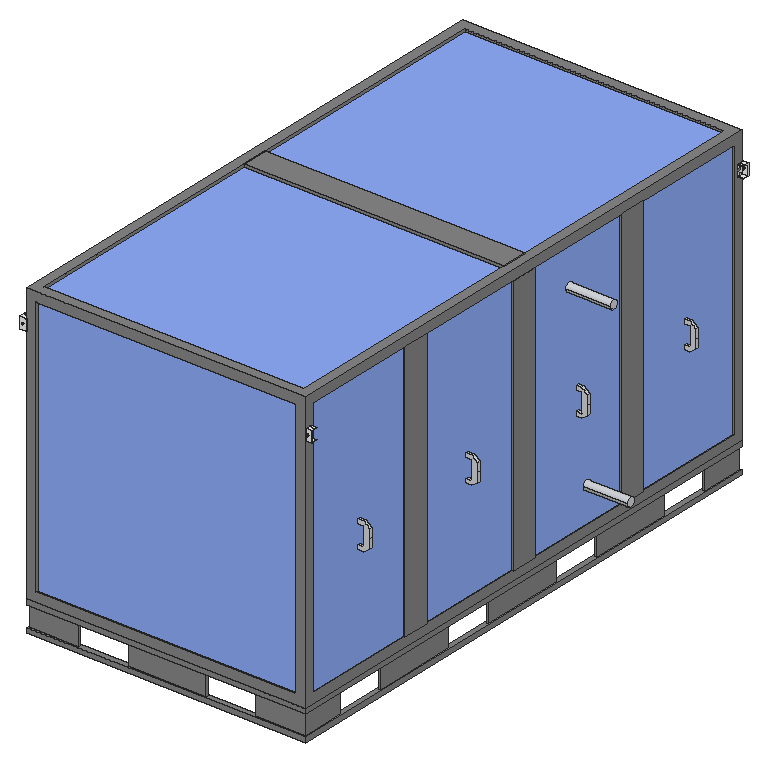
Revit family "33. Секция фильтрования, вод. нагр. и вент. выброс прямо ANR A1", category Оборудование, Revit 2016
Family settings
  Тип детали = Нормальный
  Размер круглого соединителя = Использовать диаметр
  На основе рабочей плоскости = Нет
  Всегда вертикально = Да
  При загрузке вырезать с полостями = Нет
  Общий = Нет
  Точка расчета площади = Нет
Parameters (values of type "ANR 6 A1")
  Ширина = А - 75 mm  # 1025 mm
  Синий = Синий
  Середина = h + Б1 / 2  # 670 mm
  Размер В = 735 mm
  Г = 85 mm  # constant formula
  Д3 = Д1 / 8  # 266.25 mm
  Д2 = Д1 / 4  # 532.5 mm
  Д1 = Д - 20 mm  # 2130 mm
  Д = 2150 mm  # constant formula
  ножки(да/нет) [instance] = no
  Высота = Б - 75 mm  # 1025 mm
  Б1 = Б - 20 mm  # 1080 mm
  А1 = А - 20 mm  # 1080 mm
  А = 1100 mm
  высота ножек = 120 mm
  Б = 1100 mm
  Частотный преобразователь [instance] = no
  Частота вращения n, об/мин = ""
  Тип, марка, обозначение = "ANR 6 A1"
  Сила тока J, А = ""
  Регулятор расхода [instance] = no
  Раздел = "ОВ"
  Примечание = ""
  Позиция = ""
  Напряжение U,В = ""
  Наименование и тех.хар-ка = "Секция фильтрования EU4, водяного нагрева вместе с вентилятором выброс прямо"  # constant formula
  Мощность двигателя N,Вт = ""
  Материал = Сталь серая
  Масса единицы = ""
  Код, оборудования = ""
  Ключевая пометка = "Вентиляция"
  Задание электрикам [instance] = no
  Задание автоматчикам [instance] = no
  Завод изготовитель = "KORF"  # constant formula
  Единица измерения = "шт."  # constant formula
  h = высота ножек + 10 mm  # 130 mm
  d = 31.8 mm
Types (4, lengths in mm): name | Ширина | Середина | Размер В | Высота | Б1 | А1 | А | Б | Тип, марка, обозначение | d
  ANR 6 A1 | 1025 | 670 | 735 | 1025 | 1080 | 1080 | 1100 | 1100 | "ANR 6 A1" | 31.8
  ANR 7 A1 | 1025 | 780 | 985 | 1245 | 1300 | 1080 | 1100 | 1320 | "ANR 7 A1" | 38.1
  ANR 8 A1 | 1245 | 780 | 985 | 1245 | 1300 | 1300 | 1320 | 1320 | "ANR 8 A1" | 38.1
  ANR 12 A1 | 1360 | 837.5 | 1060 | 1360 | 1415 | 1415 | 1435 | 1435 | "ANR 12 A1" | 50.8
Reference planes
  plane 1 "По центру (Вперед/Назад)": y = 0
  plane 2: z = 0
  plane 3 "По центру (Влево/Вправо)": x = 0
  plane 4: x = -540
  plane 5: x = 540
  plane 6: y = 1065
  plane 7: y = -1065
  plane 8: z = 1210
  plane 9: z = 130
  plane 10: z = 670
  plane 11: z = 1110
  plane 12: x = 590
  plane 13: z = 1220
  plane 14: x = 725
  plane 15: y = -532.5
  plane 16: y = 532.5
  plane 17: y = -480.5
  plane 18: y = -584.474
  plane 19: y = 480.5
  plane 20: y = 584.5
  plane 21: y = 798.75
  plane 22: y = -798.75
  plane 23: x = 550
  plane 24: y = 898.75
  plane 25: y = 698.75
  plane 26: y = -898.75
  plane 27: y = -698.75
  plane 28: z = 120
  plane 29: y = 266.25
  plane 30: y = -266.25
  plane 31: y = 52
  plane 32: y = -52
  plane 33: y = -366.25
  plane 34: y = -166.25
  plane 35: y = 166.25
  plane 36: y = 366.25
  plane 37: x = -550
  plane 38: y = 223.75
  plane 39: y = 308.75
  plane 40: z = 1037.5
  plane 41: z = 302.5
Forms (mm)
  Extrusion 1, solid, material "Синий" <- "Синий", detail levels fine
    sketch origin (0, 0, 50) x (1, 0, 0) y (0, 1, 0)
      loop
        line (-540, 1065) -> (-540, -1065) -> (540, -1065) -> (540, 1065) -> (-540, 1065)
    from 80 to 1160
  Sweep 2, solid, material "Сталь серая" <- "Материал", detail levels fine
    path origin (540, -1065, 50) x (-1, 0, 0) y (0, 0, -1)
      loop
        line (0, -1160) -> (1080, -1160) -> (1080, -80) -> (0, -80) -> (0, -1160)
    profile "Профиль уголок 10х10 : Профиль уголок 10х10" origin (0, -1065, 1210) x (0, 0, -1) y (0, -1, 0)
      loop
        line (0, -27.5) -> (0, 0) -> (27.5, 0) -> (27.5, 10) -> (-10, 10) -> (-10, -27.5) -> (0, -27.5)
  Sweep 3, solid, material "Сталь серая" <- "Материал", detail levels fine
    path origin (-540, 1065, 50) x (1, 0, 0) y (0, 0, -1)
      loop
        line (0, -1160) -> (1080, -1160) -> (1080, -80) -> (0, -80) -> (0, -1160)
    profile "Профиль уголок 10х10 : Профиль уголок 10х10" origin (0, 1065, 1210) x (0, 0, -1) y (0, 1, 0)
      loop
        line (0, -27.5) -> (0, 0) -> (27.5, 0) -> (27.5, 10) -> (-10, 10) -> (-10, -27.5) -> (0, -27.5)
  Sweep 4, solid, material "Сталь серая" <- "Материал", detail levels fine
    path origin (540, 1065, 50) x (0, -1, 0) y (0, 0, -1)
      loop
        line (0, -1160) -> (2130, -1160) -> (2130, -80) -> (0, -80) -> (0, -1160)
    profile "Профиль уголок 10х10 : Профиль уголок 10х10" origin (540, 0, 1210) x (0, 0, -1) y (1, 0, 0)
      loop
        line (0, -27.5) -> (0, 0) -> (27.5, 0) -> (27.5, 10) -> (-10, 10) -> (-10, -27.5) -> (0, -27.5)
  Sweep 5, solid, material "Сталь серая" <- "Материал", detail levels fine
    path origin (-540, -1065, 50) x (0, 1, 0) y (0, 0, -1)
      loop
        line (0, -1160) -> (2130, -1160) -> (2130, -80) -> (0, -80) -> (0, -1160)
    profile "Профиль уголок 10х10 : Профиль уголок 10х10" origin (-540, 0, 1210) x (0, 0, -1) y (-1, 0, 0)
      loop
        line (0, -27.5) -> (0, 0) -> (27.5, 0) -> (27.5, 10) -> (-10, 10) -> (-10, -27.5) -> (0, -27.5)
  Extrusion 6, void, not visible
    sketch origin (-345, -245, 50) x (0, -1, 0) y (0, 0, -1)
      loop
        line (-477.965, -475) -> (-477.965, -450) -> (-528.913, -450) -> (-528.913, -475) -> (-477.965, -475)
    from -47.452 to 12
  Sweep 7, solid, material "Сталь серая" <- "Материал", detail levels fine
    path origin (0, 0, 0) x (1, 0, 0) y (0, 1, 0)
      loop
        line (-540, 1065) -> (-540, -1065) -> (540, -1065) -> (540, 1065) -> (-540, 1065)
    profile "Семейство1 : Семейство1" origin (0, 1065, 0) x (0, 1, 0) y (0, 0, 1)
      loop
        line (-10, 120) -> (-10, 100) -> (-3.38, 100) -> (-3.38, 20) -> (-10, 20) -> (-10, 0) -> (10, 0) -> (10, 20) -> (3.38, 20) -> (3.38, 100) -> (10, 100) -> (10, 120) -> (-10, 120)
  Extrusion 8, void
    sketch origin (0, 0, 0) x (1, 0, 0) y (0, 0, 1)
      loop
        line (152.369, 100) -> (152.369, 20) -> (348.798, 20) -> (348.798, 100) -> (152.369, 100)
      loop
        line (-152.369, 100) -> (-348.798, 100) -> (-348.798, 20) -> (-152.369, 20) -> (-152.369, 100)
    from -1075 to 1075
  Extrusion 9, solid, material "Сталь серая" <- "Материал", detail levels fine
    sketch origin (560, -260, 0) x (0, 1, 0) y (0, 0, 1)
      loop
        line (-324.474, 1182.5) -> (-324.474, 157.5) -> (-220.5, 157.5) -> (-220.5, 1182.5) -> (-324.474, 1182.5)
    from -10 to -20
  Extrusion 10, solid, material "Сталь серая" <- "Материал", detail levels fine
    sketch origin (560, 262.3, -4.8) x (0, 1, 0) y (0, 0, 1)
      loop
        line (218.2, 1187.3) -> (218.2, 162.3) -> (322.2, 162.3) -> (322.2, 1187.3) -> (218.2, 1187.3)
    from -10 to -20
  Extrusion 11, solid, material "Сталь серая" <- "Материал", detail levels fine
    sketch origin (560, -237.9, -24.6) x (0, 1, 0) y (0, 0, 1)
      loop
        line (185.9, 1207.1) -> (185.9, 182.1) -> (289.9, 182.1) -> (289.9, 1207.1) -> (185.9, 1207.1)
    from -10 to -20
  Extrusion 12, solid, material "Сталь серая" <- "Материал", detail levels fine
    sketch origin (0, 0, 0) x (1, 0, 0) y (0, 1, 0)
      loop
        line (-512.5, 52) -> (-512.5, -52) -> (512.5, -52) -> (512.5, 52) -> (-512.5, 52)
    from 1210 to 1220
  Extrusion 13, void
    sketch origin (0, 0, 0) x (0, 1, 0) y (0, 0, 1)
      loop
        line (-898.75, 100) -> (-898.75, 20) -> (-698.75, 20) -> (-698.75, 100) -> (-898.75, 100)
      loop
        line (-366.25, 100) -> (-366.25, 20) -> (-166.25, 20) -> (-166.25, 100) -> (-366.25, 100)
      loop
        line (166.25, 100) -> (166.25, 20) -> (366.25, 20) -> (366.25, 100) -> (166.25, 100)
      loop
        line (698.75, 100) -> (698.75, 20) -> (898.75, 20) -> (898.75, 100) -> (698.75, 100)
    from -550 to 550
  Extrusion 14, solid, detail levels fine
    sketch origin (0, 0, 0) x (0, 1, 0) y (0, 0, 1)
      loop
        circle (223.75, 1037.5) r 15.9
    from 550 to 725
  Extrusion 15, solid, detail levels fine
    sketch origin (0, 0, 0) x (0, 1, 0) y (0, 0, 1)
      loop
        circle (308.75, 302.5) r 15.9
    from 550 to 725
Cuts and joins
  joined: Sweep 2, Sweep 3, Sweep 4, Sweep 5
  Extrusion 8, Extrusion 13 cuts Sweep 7
Lines and regions (mm)
  model lines, detail levels coarse
    curve 1: line (-550, 1075, 0) -> (550, 1075, 0)
    curve 2: line (-550, -1075, 0) -> (-550, 1075, 0)
    curve 3: line (550, -1075, 0) -> (-550, -1075, 0)
    curve 4: line (550, 1075, 0) -> (550, -1075, 0)
    curve 5: line (-550, 0, 0) -> (550, 0, 0)
    curve 6: line (-474.978, 710.8, 0) -> (-449.978, 710.8, 0)
    curve 7: line (-449.978, 710.8, 0) -> (-419.589, 883.141, 0)
    curve 8: line (-419.589, 883.141, 0) -> (-369.589, 883.141, 0)
    curve 9: line (-339.201, 710.8, 0) -> (-369.589, 883.141, 0)
    curve 10: line (-339.201, 710.8, 0) -> (-314.201, 710.8, 0)
    curve 11: line (-314.201, 710.8, 0) -> (-283.813, 883.141, 0)
    curve 12: line (-283.813, 883.141, 0) -> (-233.813, 883.141, 0)
    curve 13: line (-203.424, 710.8, 0) -> (-233.813, 883.141, 0)
    curve 14: line (-203.424, 710.8, 0) -> (-178.424, 710.8, 0)
    curve 15: line (-178.424, 710.8, 0) -> (-148.036, 883.141, 0)
    curve 16: line (-148.036, 883.141, 0) -> (-98.036, 883.141, 0)
    curve 17: line (-67.647, 710.8, 0) -> (-98.036, 883.141, 0)
    curve 18: line (-67.647, 710.8, 0) -> (-42.647, 710.8, 0)
    curve 19: line (-42.647, 710.8, 0) -> (-12.259, 883.141, 0)
    curve 20: line (-12.259, 883.141, 0) -> (37.741, 883.141, 0)
    curve 21: line (68.13, 710.8, 0) -> (37.741, 883.141, 0)
    curve 22: line (68.13, 710.8, 0) -> (93.13, 710.8, 0)
    curve 23: line (93.13, 710.8, 0) -> (123.518, 883.141, 0)
    curve 24: line (123.518, 883.141, 0) -> (173.518, 883.141, 0)
    curve 25: line (203.906, 710.8, 0) -> (173.518, 883.141, 0)
    curve 26: line (203.906, 710.8, 0) -> (228.906, 710.8, 0)
    curve 27: line (228.906, 710.8, 0) -> (259.295, 883.141, 0)
    curve 28: line (259.295, 883.141, 0) -> (309.295, 883.141, 0)
    curve 29: line (339.683, 710.8, 0) -> (309.295, 883.141, 0)
    curve 30: line (339.683, 710.8, 0) -> (364.683, 710.8, 0)
    curve 31: line (364.683, 710.8, 0) -> (395.072, 883.141, 0)
    curve 32: line (395.072, 883.141, 0) -> (445.072, 883.141, 0)
    curve 33: line (475.46, 710.8, 0) -> (445.072, 883.141, 0)
    curve 62: circle (0, 308.75, 0) r 170 normal (0, 0, 1)
    curve 63: line (0, 478.75, 0) -> (0, 138.75, 0)
    curve 64: line (-170, 308.75, 0) -> (170, 308.75, 0)
    curve 65: circle (0, -584.474, 0) r 228.551 normal (0, 0, 1)
    curve 66: line (-203.531, -480.5, 0) -> (0, -813.026, 0)
    curve 67: line (203.531, -480.5, 0) -> (0, -813.026, 0)
    curve 68: line (-203.531, -480.5, 0) -> (203.531, -480.5, 0)
  model lines, not visible, detail levels coarse
    curve 34: line (-474.978, 710.8, 0) -> (-449.978, 710.8, 0)
    curve 35: line (-449.978, 710.8, 0) -> (-419.589, 883.141, 0)
    curve 36: line (-419.589, 883.141, 0) -> (-369.589, 883.141, 0)
    curve 37: line (-339.201, 710.8, 0) -> (-369.589, 883.141, 0)
    curve 38: line (-339.201, 710.8, 0) -> (-314.201, 710.8, 0)
    curve 39: line (-314.201, 710.8, 0) -> (-283.813, 883.141, 0)
    curve 40: line (-283.813, 883.141, 0) -> (-233.813, 883.141, 0)
    curve 41: line (-203.424, 710.8, 0) -> (-233.813, 883.141, 0)
    curve 42: line (-203.424, 710.8, 0) -> (-178.424, 710.8, 0)
    curve 43: line (-178.424, 710.8, 0) -> (-148.036, 883.141, 0)
    curve 44: line (-148.036, 883.141, 0) -> (-98.036, 883.141, 0)
    curve 45: line (-67.647, 710.8, 0) -> (-98.036, 883.141, 0)
    curve 46: line (-67.647, 710.8, 0) -> (-42.647, 710.8, 0)
    curve 47: line (-42.647, 710.8, 0) -> (-12.259, 883.141, 0)
    curve 48: line (-12.259, 883.141, 0) -> (37.741, 883.141, 0)
    curve 49: line (68.13, 710.8, 0) -> (37.741, 883.141, 0)
    curve 50: line (68.13, 710.8, 0) -> (93.13, 710.8, 0)
    curve 51: line (93.13, 710.8, 0) -> (123.518, 883.141, 0)
    curve 52: line (123.518, 883.141, 0) -> (173.518, 883.141, 0)
    curve 53: line (203.906, 710.8, 0) -> (173.518, 883.141, 0)
    curve 54: line (203.906, 710.8, 0) -> (228.906, 710.8, 0)
    curve 55: line (228.906, 710.8, 0) -> (259.295, 883.141, 0)
    curve 56: line (259.295, 883.141, 0) -> (309.295, 883.141, 0)
    curve 57: line (339.683, 710.8, 0) -> (309.295, 883.141, 0)
    curve 58: line (339.683, 710.8, 0) -> (364.683, 710.8, 0)
    curve 59: line (364.683, 710.8, 0) -> (395.072, 883.141, 0)
    curve 60: line (395.072, 883.141, 0) -> (445.072, 883.141, 0)
    curve 61: line (475.46, 710.8, 0) -> (445.072, 883.141, 0)
  model lines, detail levels medium
    curve 69: line (0, -1075, 1220) -> (0, 1065, 1220)
    curve 70: line (0, -1075, 0) -> (0, -1075, 1220)
    curve 71: line (0, 1065, 0) -> (0, -1075, 0)
    curve 72: line (0, 1065, 1220) -> (0, 1065, 0)
    curve 73: line (0, 532.5, 1220) -> (0, 532.5, 0)
    curve 74: line (0, 0, 0) -> (0, 0, 1220)
    curve 75: line (0, 870.373, 1167.516) -> (0, 870.373, 1147.516)
    curve 76: line (0, 870.373, 1147.516) -> (0, 684.525, 1108.013)
    curve 77: line (0, 684.525, 1108.013) -> (0, 684.525, 1028.013)
    curve 78: line (0, 870.373, 988.51) -> (0, 684.525, 1028.013)
    curve 79: line (0, 870.373, 988.51) -> (0, 870.373, 968.51)
    curve 80: line (0, 870.373, 968.51) -> (0, 684.525, 929.006)
    curve 81: line (0, 684.525, 929.006) -> (0, 684.525, 849.006)
    curve 82: line (0, 870.373, 809.503) -> (0, 684.525, 849.006)
    curve 83: line (0, 870.373, 809.503) -> (0, 870.373, 789.503)
    curve 84: line (0, 870.373, 789.503) -> (0, 684.525, 750)
    curve 85: line (0, 684.525, 750) -> (0, 684.525, 670)
    curve 86: line (0, 870.373, 630.497) -> (0, 684.525, 670)
    curve 87: line (0, 870.373, 630.497) -> (0, 870.373, 610.497)
    curve 88: line (0, 870.373, 610.497) -> (0, 684.525, 570.994)
    curve 89: line (0, 684.525, 570.994) -> (0, 684.525, 490.994)
    curve 90: line (0, 870.373, 451.49) -> (0, 684.525, 490.994)
    curve 91: line (0, 870.373, 451.49) -> (0, 870.373, 431.49)
    curve 92: line (0, 870.373, 431.49) -> (0, 684.525, 391.987)
    curve 93: line (0, 684.525, 391.987) -> (0, 684.525, 311.987)
    curve 94: line (0, 870.373, 272.484) -> (0, 684.525, 311.987)
    curve 95: line (0, 870.373, 272.484) -> (0, 870.373, 252.484)
    curve 96: line (0, 870.373, 252.484) -> (0, 684.525, 212.981)
    curve 97: line (0, 684.525, 212.981) -> (0, 684.525, 132.981)
    curve 98: line (0, 870.373, 93.477) -> (0, 684.525, 132.981)
    curve 99: line (0, 870.373, 93.477) -> (0, 870.373, 68.477)
    curve 125: circle (0, 266.25, 670) r 161.814 normal (1, 0, 0)
    curve 126: line (0, 266.25, 831.814) -> (0, 266.25, 508.186)
    curve 127: line (0, 104.436, 670) -> (0, 428.064, 670)
    curve 128: circle (0, -532.5, 670) r 260 normal (1, 0, 0)
    curve 129: line (0, -532.5, 930) -> (0, -752.993, 532.221)
    curve 130: line (0, -532.5, 930) -> (0, -312.007, 532.221)
    curve 131: line (0, -752.993, 532.221) -> (0, -312.007, 532.221)
  model lines, not visible, detail levels medium
    curve 100: line (0, 895.834, 1313.662) -> (0, 895.834, 1293.662)
    curve 101: line (0, 895.834, 1293.662) -> (0, 709.986, 1254.159)
    curve 102: line (0, 709.986, 1254.159) -> (0, 709.986, 1174.159)
    curve 103: line (0, 895.834, 1134.656) -> (0, 709.986, 1174.159)
    curve 104: line (0, 895.834, 1134.656) -> (0, 895.834, 1114.656)
    curve 105: line (0, 895.834, 1114.656) -> (0, 709.986, 1075.153)
    curve 106: line (0, 709.986, 1075.153) -> (0, 709.986, 995.153)
    curve 107: line (0, 895.834, 955.65) -> (0, 709.986, 995.153)
    curve 108: line (0, 895.834, 955.65) -> (0, 895.834, 935.65)
    curve 109: line (0, 895.834, 935.65) -> (0, 709.986, 896.146)
    curve 110: line (0, 709.986, 896.146) -> (0, 709.986, 816.146)
    curve 111: line (0, 895.834, 776.643) -> (0, 709.986, 816.146)
    curve 112: line (0, 895.834, 776.643) -> (0, 895.834, 756.643)
    curve 113: line (0, 895.834, 756.643) -> (0, 709.986, 717.14)
    curve 114: line (0, 709.986, 717.14) -> (0, 709.986, 637.14)
    curve 115: line (0, 895.834, 597.637) -> (0, 709.986, 637.14)
    curve 116: line (0, 895.834, 597.637) -> (0, 895.834, 577.637)
    curve 117: line (0, 895.834, 577.637) -> (0, 709.986, 538.133)
    curve 118: line (0, 709.986, 538.133) -> (0, 709.986, 458.133)
    curve 119: line (0, 895.834, 418.63) -> (0, 709.986, 458.133)
    curve 120: line (0, 895.834, 418.63) -> (0, 895.834, 398.63)
    curve 121: line (0, 895.834, 398.63) -> (0, 709.986, 359.127)
    curve 122: line (0, 709.986, 359.127) -> (0, 709.986, 279.127)
    curve 123: line (0, 895.834, 239.624) -> (0, 709.986, 279.127)
    curve 124: line (0, 895.834, 239.624) -> (0, 895.834, 214.624)
Dimensions and locks
  equal spacing: plane 6, plane 1 "По центру (Вперед/Назад)", plane 7
  "Д1": plane 6 to plane 7
  equal spacing: plane 4, plane 3 "По центру (Влево/Вправо)", plane 5
  "А1": plane 4 to plane 5
  "h": plane 9 to level
  "Б1": plane 8 to plane 9
  cut or joined group of Sweep 2, Sweep 3, Sweep 4, Sweep 5 to level = 120 mm
  locked: plane 3 "По центру (Влево/Вправо)" to cut or joined group of Sweep 7, Extrusion 8, Extrusion 13 at 152.369
  locked: cut or joined group of Sweep 7, Extrusion 8, Extrusion 13 to plane 3 "По центру (Влево/Вправо)" at 152.369
  "Середина": plane 10 to level
  Extrusion 9 sketch curve to Extrusion 9 sketch curve to plane 1 "По центру (Вперед/Назад)" = 103.974 mm, 480.5 mm
  locked: plane 8 to plane 11 at 100
  locked: plane 12 to plane 5 at 50
  plane 1 "По центру (Вперед/Назад)" to plane 7 = 1065 mm
  plane 6 to plane 1 "По центру (Вперед/Назад)" = 1065 mm
  locked: plane 13 to plane 8 at 10
  locked: plane 14 to plane 5 at 185
  "Д2": plane 7 to plane 15
  "Д2": plane 16 to plane 6
  plane 18 to plane 15 to plane 17 = 51.974 mm locked, 52 mm locked
  Extrusion 10 sketch curve to Extrusion 10 sketch curve = 104 mm
  plane 19 to plane 16 to plane 20 = 52 mm locked, 52 mm locked
  "Д3": plane 21 to plane 6
  "Д3": plane 7 to plane 22
  locked: plane 23 to plane 5 at 10
  locked: plane 25 to plane 24 at 200
  equal spacing: plane 25, plane 21, plane 24
  equal spacing: plane 26, plane 22, plane 27
  locked: plane 26 to plane 27 at 200
  locked: plane 9 to plane 28 at 10
  "Д3": plane 30 to plane 1 "По центру (Вперед/Назад)"
  "Д3": plane 1 "По центру (Вперед/Назад)" to plane 29
  plane 32 to plane 1 "По центру (Вперед/Назад)" to plane 31 = 52 mm locked, 52 mm locked
  Extrusion 11 sketch curve to Extrusion 11 sketch curve = 104 mm
  equal spacing: plane 35, plane 29, plane 36
  equal spacing: plane 33, plane 30, plane 34
  locked: plane 33 to plane 34 at 200
  locked: plane 35 to plane 36 at 200
  locked: plane 37 to plane 4 at 10
  equal spacing: plane 40, plane 10, plane 41
  "Размер В": plane 40 to plane 41
  equal spacing: plane 38, plane 29, plane 39
  "Г": plane 38 to plane 39
  "d": diameter of Extrusion 14 sketch curve
  "d": diameter of Extrusion 15 sketch curve
  aligned and locked: level to plane 2
  aligned and locked: plane 6 to Extrusion 1
  aligned and locked: Extrusion 1 to plane 5
  aligned and locked: Extrusion 1 to plane 7
  aligned and locked: Extrusion 1 to plane 4
  aligned and locked: plane 8 to Extrusion 1
  aligned and locked: Extrusion 1 to plane 9
  aligned and locked: Sweep 4 sketch curve to Extrusion 1  (x2)
  aligned and locked: Sweep 5 sketch curve to Extrusion 1  (x2)
  aligned and locked: Sweep 7 sketch curve to Extrusion 1  (x4)
  aligned and locked: Sweep 7 to Extrusion 8  (x2)
  aligned and locked: Extrusion 9 to cut or joined group of Sweep 2, Sweep 3, Sweep 4, Sweep 5  (x4)
  aligned and locked: nested 3 to cut or joined group of Sweep 2, Sweep 3, Sweep 4, Sweep 5  (x2)
  aligned and locked: nested 3 to plane 11
  aligned and locked: nested 4 to plane 11
  aligned and locked: cut or joined group of Sweep 2, Sweep 3, Sweep 4, Sweep 5 to nested 4  (x2)
  aligned and locked: cut or joined group of Sweep 2, Sweep 3, Sweep 4, Sweep 5 to nested 3
  aligned and locked: cut or joined group of Sweep 2, Sweep 3, Sweep 4, Sweep 5 to nested 6
  aligned and locked: nested 5 to cut or joined group of Sweep 2, Sweep 3, Sweep 4, Sweep 5
  aligned and locked: plane 11 to nested 6
  aligned and locked: plane 11 to nested 5
  aligned and locked: Extrusion 9 to Extrusion 1
  aligned and locked: nested 2 to plane 12
  aligned and locked: nested 6 to cut or joined group of Sweep 2, Sweep 3, Sweep 4, Sweep 5
  aligned and locked: cut or joined group of Sweep 2, Sweep 3, Sweep 4, Sweep 5 to nested 5
  aligned and locked: nested 2 to plane 10  (x2)
  aligned and locked: nested 7 to plane 10  (x2)
  aligned and locked: nested 7 to plane 12  (x2)
  aligned and locked: plane 18 to Extrusion 9
  aligned and locked: Extrusion 9 to plane 17
  aligned and locked: plane 19 to Extrusion 10
  aligned and locked: Extrusion 10 to plane 20
  aligned and locked: Extrusion 10 to cut or joined group of Sweep 2, Sweep 3, Sweep 4, Sweep 5  (x2)
  aligned and locked: nested 7 to plane 21
  aligned and locked: nested 2 to plane 22
  aligned and locked: nested 8 to plane 12
  aligned and locked: plane 12 to nested 7
  aligned and locked: Extrusion 10 to Extrusion 9
  aligned and locked: Extrusion 10 to plane 5
  aligned and locked: Extrusion 9 to plane 23
  aligned and locked: nested 9 to plane 29
  aligned and locked: nested 9 to plane 10
  aligned and locked: nested 8 to plane 30
  aligned and locked: nested 8 to plane 10
  aligned and locked: Extrusion 11 to plane 32
  aligned and locked: Extrusion 11 to plane 31
  aligned and locked: Extrusion 11 to cut or joined group of Sweep 2, Sweep 3, Sweep 4, Sweep 5  (x2)
  aligned and locked: plane 31 to Extrusion 12
  aligned and locked: Extrusion 12 to plane 32
  aligned and locked: Extrusion 12 to cut or joined group of Sweep 2, Sweep 3, Sweep 4, Sweep 5  (x2)
  aligned and locked: plane 13 to Extrusion 12
  aligned and locked: Extrusion 12 to plane 8
  aligned and locked: nested 9 to plane 12
  aligned and locked: plane 5 to Extrusion 11
  aligned and locked: Extrusion 11 to plane 23
  aligned and locked: Extrusion 13 to cut or joined group of Sweep 7, Extrusion 8, Extrusion 13  (x2)
  aligned and locked: Extrusion 13 to plane 26
  aligned and locked: plane 27 to Extrusion 13
  aligned and locked: plane 33 to Extrusion 13
  aligned and locked: Extrusion 13 to plane 34
  aligned and locked: plane 35 to Extrusion 13
  aligned and locked: plane 36 to Extrusion 13
  aligned and locked: Extrusion 13 to plane 25
  aligned and locked: plane 24 to Extrusion 13
  aligned and locked: Extrusion 13 to plane 23
  aligned and locked: plane 37 to Extrusion 13
  aligned and locked: plane 14 to Extrusion 15
  aligned and locked: plane 14 to Extrusion 14
  aligned and locked: plane 23 to Extrusion 14
  aligned and locked: plane 23 to Extrusion 15
  aligned and locked: curve 1 to cut or joined group of Sweep 2, Sweep 3, Sweep 4, Sweep 5
  aligned and locked: curve 2 to cut or joined group of Sweep 2, Sweep 3, Sweep 4, Sweep 5
  aligned and locked: curve 3 to cut or joined group of Sweep 7, Extrusion 8, Extrusion 13
  aligned and locked: curve 4 to cut or joined group of Sweep 2, Sweep 3, Sweep 4, Sweep 5
  aligned and locked: plane 1 "По центру (Вперед/Назад)" to curve 5
  aligned and locked: curve 69 to cut or joined group of Sweep 2, Sweep 3, Sweep 4, Sweep 5
  aligned and locked: curve 70 to cut or joined group of Sweep 2, Sweep 3, Sweep 4, Sweep 5
  aligned and locked: curve 71 to curve 2
  aligned and locked: curve 72 to plane 6
  aligned and locked: curve 73 to plane 16
  aligned and locked: curve 74 to plane 1 "По центру (Вперед/Назад)"
  aligned and locked: plane 10 to curve 86
Automatic sketch dimensions
  Extrusion 6 sketch curve to Extrusion 6 sketch curve = 50.949 mm
  Extrusion 6 sketch curve to Extrusion 6 sketch curve = 25 mm
  plane 17 to curve 68 = 0 mm
  plane 39 to curve 64 = 0 mm
  curve 65 to plane 3 "По центру (Влево/Вправо)" = 0 mm
  curve 62 to plane 3 "По центру (Влево/Вправо)" = 0 mm
  curve 63 to plane 3 "По центру (Влево/Вправо)" = 0 mm
  curve 67 to plane 3 "По центру (Влево/Вправо)" = 0 mm
  plane 17 to curve 67 = 0 mm
  plane 18 to curve 65 = 0 mm
  plane 39 to curve 62 = 0 mm
  curve 68 to plane 3 "По центру (Влево/Вправо)" = 203.531 mm
  curve 64 to curve 62 = 170 mm
  Extrusion 1 sketch curve to plane 4 = 0 mm
  Extrusion 1 sketch curve to plane 5 = 0 mm
  Extrusion 1 sketch curve to plane 7 = 0 mm
  Extrusion 1 sketch curve to plane 6 = 0 mm
  Sweep 2 sketch curve to Extrusion 1 = 0 mm  (x4)
  Sweep 3 sketch curve to Extrusion 1 = 0 mm  (x3)
  Extrusion 1 to Sweep 3 sketch curve = 0 mm
  Sweep 4 sketch curve to Extrusion 1 = 0 mm  (x2)
  Sweep 5 sketch curve to Extrusion 1 = 0 mm  (x2)
  plane 28 to Extrusion 8 sketch curve = 20 mm  (x2)
  plane 4 to Extrusion 8 sketch curve = 191.202 mm
  level to Extrusion 8 sketch curve = 20 mm  (x2)
  Extrusion 8 sketch curve to plane 3 "По центру (Влево/Вправо)" = 152.369 mm
  plane 3 "По центру (Влево/Вправо)" to Extrusion 8 sketch curve = 152.369 mm
  Extrusion 8 sketch curve to plane 5 = 191.202 mm
  plane 9 to Extrusion 9 sketch curve = 27.5 mm
  Extrusion 9 sketch curve to plane 8 = 27.5 mm
  Extrusion 10 sketch curve to plane 19 = 0 mm
  plane 9 to Extrusion 10 sketch curve = 27.5 mm
  Extrusion 10 sketch curve to plane 8 = 27.5 mm
  Extrusion 11 sketch curve to plane 32 = 0 mm
  plane 9 to Extrusion 11 sketch curve = 27.5 mm
  Extrusion 11 sketch curve to plane 8 = 27.5 mm
  Extrusion 12 sketch curve to plane 32 = 0 mm
  Extrusion 12 sketch curve to plane 31 = 0 mm
  plane 4 to Extrusion 12 sketch curve = 27.5 mm
  Extrusion 12 sketch curve to plane 5 = 27.5 mm
  Extrusion 13 sketch curve to plane 26 = 0 mm
  Extrusion 13 sketch curve to plane 27 = 0 mm
  Extrusion 13 sketch curve to plane 33 = 0 mm
  Extrusion 13 sketch curve to plane 34 = 0 mm
  Extrusion 13 sketch curve to plane 35 = 0 mm
  Extrusion 13 sketch curve to plane 36 = 0 mm
  Extrusion 13 sketch curve to plane 25 = 0 mm
  Extrusion 13 sketch curve to plane 24 = 0 mm
  level to Extrusion 13 sketch curve = 20 mm  (x4)
  plane 28 to Extrusion 13 sketch curve = 20 mm  (x4)
  curve 130 to plane 15 = 0 mm
  curve 129 to plane 15 = 0 mm
  curve 128 to plane 10 = 0 mm
  curve 128 to plane 15 = 0 mm
  curve 127 to plane 10 = 0 mm
  curve 126 to plane 29 = 0 mm
  curve 125 to plane 10 = 0 mm
  curve 125 to plane 29 = 0 mm
  curve 130 to plane 30 = 45.757 mm
  curve 131 to plane 10 = 137.779 mm
  plane 31 to curve 127 = 52.436 mm
  curve 76 to curve 96 = 0 mm
  curve 94 to curve 96 = 0 mm
  curve 80 to curve 77 = 0 mm
  curve 90 to curve 92 = 0 mm
  curve 84 to curve 81 = 0 mm
  curve 85 to curve 87 = 185.848 mm
  curve 84 to curve 86 = 0 mm
  curve 90 to curve 87 = 0 mm
  curve 80 to curve 82 = 0 mm
  curve 94 to curve 91 = 0 mm
  curve 76 to curve 78 = 0 mm
  curve 98 to curve 95 = 0 mm
  curve 98 to curve 98 = 39.503 mm
  curve 97 to curve 96 = 80 mm
  curve 98 to curve 95 = 159.006 mm
  curve 95 to curve 95 = 20 mm
  curve 96 to curve 93 = 99.006 mm
  curve 93 to curve 92 = 80 mm
  curve 94 to curve 91 = 159.006 mm
  curve 91 to curve 91 = 20 mm
  curve 92 to curve 89 = 99.006 mm
  curve 89 to curve 88 = 80 mm
  curve 90 to curve 88 = 159.006 mm
  curve 87 to curve 86 = 20 mm
  curve 88 to curve 85 = 99.006 mm
  curve 85 to curve 84 = 80 mm
  curve 86 to curve 84 = 159.006 mm
  curve 83 to curve 82 = 20 mm
  curve 84 to curve 81 = 99.006 mm
  curve 81 to curve 81 = 80 mm
  curve 82 to curve 79 = 159.006 mm
  curve 79 to curve 78 = 20 mm
  curve 80 to curve 78 = 99.006 mm
  curve 77 to curve 76 = 80 mm
  curve 78 to curve 75 = 159.006 mm
  curve 99 to curve 98 = 25 mm
  curve 75 to curve 75 = 20 mm
  curve 101 to curve 121 = 0 mm
  curve 119 to curve 121 = 0 mm
  curve 105 to curve 102 = 0 mm
  curve 115 to curve 117 = 0 mm
  curve 109 to curve 106 = 0 mm
  curve 110 to curve 112 = 185.848 mm
  curve 109 to curve 111 = 0 mm
  curve 115 to curve 112 = 0 mm
  curve 105 to curve 107 = 0 mm
  curve 119 to curve 116 = 0 mm
  curve 101 to curve 103 = 0 mm
  curve 123 to curve 120 = 0 mm
  curve 123 to curve 123 = 39.503 mm
  curve 122 to curve 121 = 80 mm
  curve 123 to curve 120 = 159.006 mm
  curve 120 to curve 120 = 20 mm
  curve 121 to curve 118 = 99.006 mm
  curve 118 to curve 117 = 80 mm
  curve 119 to curve 116 = 159.006 mm
  curve 116 to curve 116 = 20 mm
  curve 117 to curve 114 = 99.006 mm
  curve 114 to curve 113 = 80 mm
  curve 115 to curve 113 = 159.006 mm
  curve 112 to curve 111 = 20 mm
  curve 113 to curve 110 = 99.006 mm
  curve 110 to curve 109 = 80 mm
  curve 111 to curve 109 = 159.006 mm
  curve 108 to curve 107 = 20 mm
  curve 109 to curve 106 = 99.006 mm
  curve 106 to curve 106 = 80 mm
  curve 107 to curve 104 = 159.006 mm
  curve 104 to curve 103 = 20 mm
  curve 105 to curve 103 = 99.006 mm
  curve 102 to curve 101 = 80 mm
  curve 103 to curve 100 = 159.006 mm
  curve 124 to curve 123 = 25 mm
  curve 100 to curve 100 = 20 mm
  Extrusion 14 sketch curve to plane 38 = 0 mm
  Extrusion 14 sketch curve to plane 40 = 0 mm
  Extrusion 15 sketch curve to plane 39 = 0 mm
  Extrusion 15 sketch curve to plane 41 = 0 mm
Nested families
  nested 1: "крепление 15мм" at (-330, 229.965, 495), type "крепление 15мм", not visible
  nested 2: "Ручка" at (552.018, -808.75, 621.108), type "Ручка", detail levels fine
  nested 3: "крепеж" at (574.5, -1075, 1065.175) x (-1, 0, 0) z (0, 0, 1), type "крепеж", detail levels fine
  nested 4: "крепеж" at (574.5, 1075, 1065.175) x (-1, 0, 0) z (0, 0, 1), type "крепеж", detail levels fine
  nested 5: "крепеж" at (-574.5, -1075, 1065.175), type "крепеж", detail levels fine
  nested 6: "крепеж" at (-574.5, 1075, 1065.175), type "крепеж", detail levels fine
  nested 7: "Ручка" at (552.018, 798.75, 621.108), type "Ручка", detail levels fine
  nested 8: "Ручка" at (552.018, -276.25, 621.108), type "Ручка", detail levels fine
  nested 9: "Ручка" at (552.018, 266.25, 621.108), type "Ручка", detail levels fine
Connectors
  hvac at (0, -1075, 670), driven by "Ширина", driven by "Высота"
    settings: on cut or joined group of Sweep 2, Sweep 3, Sweep 4, Sweep 5, index 3, duct flow 0.0 L/s, flow factor 0, pres drop 0.0 Pa, loss coef 0, conn angle 0.00°, conn width 1025 mm, conn height 1025 mm, conn diameter 609.6 mm, duct sys type 3, conn prof type 1, flow config 0, flow direction 0, loss method 0, conn ref index 4, conn util no, is conn primary yes, conn desc ""
  hvac at (0, 1075, 670), driven by "Ширина", driven by "Высота"
    settings: on cut or joined group of Sweep 2, Sweep 3, Sweep 4, Sweep 5, index 4, duct flow 0.0 L/s, flow factor 0, pres drop 0.0 Pa, loss coef 0, conn angle 0.00°, conn width 1025 mm, conn height 1025 mm, conn diameter 609.6 mm, duct sys type 3, conn prof type 1, flow config 0, flow direction 0, loss method 0, conn ref index 3, conn util no, is conn primary no, conn desc ""
  piping at (725, 223.75, 1037.5), diameter 31.8, driven by "d"
    settings: on Extrusion 14, index 5, connector inside diameter 609.6 mm, connector length 0 mm, flow factor 0, pipe flow 0.0 L/s, pressure drop 0.0 Pa, fitting loss kfactor 0, connector angle 0.00°, fixture units 0, engagement length 0 mm, angle of deflection 0.00°, flow configuration 0, flow direction 0, fitting loss method 0, system type 28, joint type 0, gender type 0, connector reference index -1, connector utility 0, adjustable connector no, is connector primary yes, connector description ""
  piping at (725, 308.75, 302.5), diameter 31.8, driven by "d"
    settings: on Extrusion 15, index 6, connector inside diameter 609.6 mm, connector length 0 mm, flow factor 0, pipe flow 0.0 L/s, pressure drop 0.0 Pa, fitting loss kfactor 0, connector angle 0.00°, fixture units 0, engagement length 0 mm, angle of deflection 0.00°, flow configuration 0, flow direction 0, fitting loss method 0, system type 28, joint type 0, gender type 0, connector reference index -1, connector utility 0, adjustable connector no, is connector primary no, connector description ""
Definition of nested family "крепление 15мм"
  Parameters (values of type "крепление 15мм")
    Материал крепления = none
  Reference planes
    plane 1 "По центру (Вперед/Назад)": y = 0
    plane 2: z = 0
    plane 3 "По центру (Влево/Вправо)": x = 0
  Forms (mm)
    Extrusion 1, solid, material <- "Материал крепления"
      sketch origin (0, 0, 0) x (1, 0, 0) y (0, 1, 0)
        loop
          line (-25, 0) -> (0, 0) -> (0, 18.31) -> (0, 25) -> (-3, 25) -> (-3, 3) -> (-25, 3) -> (-25, 0)
      from 0 to 30
    Extrusion 2, void
      sketch origin (0, 0, 0) x (1, 0, 0) y (0, 1, 0)
        loop
          line (-3, 3) -> (-3, 54.96) -> (-58, 54.96) -> (-58, 3) -> (-3, 3)
      from 0 to 15
  Cuts and joins
    Extrusion 2 cuts Extrusion 1
  Dimensions and locks
    Extrusion 1 sketch curve to Extrusion 1 sketch curve = 3 mm  (x2)
    Extrusion 1 sketch curve to Extrusion 1 sketch curve to plane 3 "По центру (Влево/Вправо)" = 25 mm, 0 mm
    Extrusion 1 sketch curve to Extrusion 1 sketch curve = 25 mm
    aligned and locked: level to plane 2
Definition of nested family "Ручка"
  Parameters (values of type "Ручка")
    материал ручки = none
  Reference planes
    plane 1 "По центру (Вперед/Назад)": y = 0
    plane 2: z = 0
    plane 3 "По центру (Влево/Вправо)": x = 0
    plane 4: x = -37.982
    plane 5: x = 37.982
  Forms (mm)
    Extrusion 1, solid, material <- "материал ручки", not visible
      sketch origin (-3.982, 0, -4.834) x (0, 0, 1) y (-1, 0, 0)
        loop
          line (-52.874, -42.815) -> (53.726, -42.815) -> (53.726, 8.783) -> (36.069, 34) -> (1.069, 34) -> (-36.069, 34) -> (-52.874, 10) -> (-52.874, -42.815)
      from 0 to 10
    Extrusion 2, void, not visible
      sketch origin (-3.982, 0, -4.834) x (0, 0, 1) y (-1, 0, 0)
        loop
          line (-37.219, -42.815) -> (37.781, -42.815) -> (37.781, 20.04) -> (-37.219, 20.04) -> (-37.219, -42.815)
      from 0 to 50
    Extrusion 3, solid, material <- "материал ручки"
      sketch origin (3.982, 0, -4.834) x (0, 0, 1) y (-1, 0, 0)
        loop
          line (-52.874, 42.815) -> (-52.874, -10) -> (-36.069, -34) -> (1.069, -34) -> (36.069, -34) -> (53.726, -8.783) -> (53.726, 42.815) -> (-52.874, 42.815)
      from 0 to 10
    Extrusion 4, void
      sketch origin (3.982, 0, -4.834) x (0, 0, 1) y (-1, 0, 0)
        loop
          line (-37.219, 42.815) -> (-37.219, -11.018) -> (37.781, -11.018) -> (37.781, 42.815) -> (-37.219, 42.815)
      from 0 to 50
  Cuts and joins
    Extrusion 4 cuts Extrusion 3
  Dimensions and locks
    aligned and locked: level to plane 2
Definition of nested family "крепеж"
  Parameters (values of type "крепеж")
    Материал крепежа = none
  Reference planes
    plane 1 "По центру (Вперед/Назад)": y = 0
    plane 2: z = 0
    plane 3 "По центру (Влево/Вправо)": x = 0
    plane 4: x = 24.5
    plane 5: z = 22.413
  Forms (mm)
    Extrusion 1, solid, material <- "Материал крепежа"
      sketch origin (0, 0, 0) x (0, 1, 0) y (0, 0, 1)
        loop
          line (0, 44.825) -> (-16.343, 44.825) -> (-24.468, 44.825) -> (-24.468, 42.95) -> (-1.968, 42.95) -> (-1.968, 1.657) -> (-24.468, 1.657) -> (-24.468, 0) -> (-16.343, 0) -> (0, 0) -> (0, 44.825)
      from 0 to 24.5
    Extrusion 2, void
      sketch origin (0.625, 0, -0.625) x (1, 0, 0) y (0, 0, 1)
        loop
          circle (11.121, 22.873) r 5
      from 0 to 250
    Extrusion 3, solid, material <- "Материал крепежа"
      sketch origin (0, 0, 0.175) x (1, 0, 0) y (0, 0, 1)
        loop
          line (24.5, 44.651) -> (22.651, 44.651) -> (22.651, -0.175) -> (24.5, -0.175) -> (24.5, 44.651)
      from 0 to 24.468
    Extrusion 4, void
      sketch origin (0, 0, 0) x (0, 1, 0) y (0, 0, 1)
        loop
          line (-24.468, 28.943) -> (-24.468, 15.882) -> (-9.468, 15.882) -> (-9.468, 28.943) -> (-24.468, 28.943)
      from 0 to 250
    Blend 5, solid
      base sketch origin (0, 0, 0) x (0, 1, 0) y (0, 0, 1)
        loop
          circle (-15.104, 36.823) r 4.161
      top sketch origin (0, 0, 0) x (0, 1, 0) y (0, 0, 1)
        loop
          circle (-15.104, 36.823) r 2.994
      from 22.651 to 19.241
    Blend 6, solid
      base sketch origin (0, 0, 44.825) x (0, 1, 0) y (0, 0, 1)
        loop
          circle (-15.104, -36.823) r 4.161
      top sketch origin (0, 0, 44.825) x (0, 1, 0) y (0, 0, 1)
        loop
          circle (-15.104, -36.823) r 2.994
      from 22.651 to 19.241
  Cuts and joins
    Extrusion 2, Extrusion 4 cuts Extrusion 1
    Extrusion 4 cuts Extrusion 3
    joined: Extrusion 1, Extrusion 3
  Dimensions and locks
    plane 3 "По центру (Влево/Вправо)" to plane 4 = 24.5 mm
    equal spacing: cut or joined group of Extrusion 1, Extrusion 2, Extrusion 3, Extrusion 4, plane 5, cut or joined group of Extrusion 1, Extrusion 2, Extrusion 3, Extrusion 4
    equal spacing: Extrusion 4 sketch curve, plane 5, Extrusion 4 sketch curve
    aligned and locked: level to plane 2
    aligned and locked: plane 4 to Extrusion 1
    aligned and locked: cut or joined group of Extrusion 1, Extrusion 2, Extrusion 3, Extrusion 4 to cut or joined group of Extrusion 1, Extrusion 2, Extrusion 3, Extrusion 4  (x3)
    aligned and locked: cut or joined group of Extrusion 1, Extrusion 2, Extrusion 3, Extrusion 4 to Blend 5
  Automatic sketch dimensions
    Extrusion 1 sketch curve to level = 0 mm
    Extrusion 1 sketch curve to plane 1 "По центру (Вперед/Назад)" = 0 mm
    plane 1 "По центру (Вперед/Назад)" to Extrusion 1 sketch curve = 1.968 mm
    Extrusion 1 sketch curve to Extrusion 1 sketch curve = 14.375 mm  (x2)
    level to Extrusion 1 sketch curve = 1.657 mm
    Extrusion 1 sketch curve to Extrusion 1 sketch curve = 8.125 mm  (x2)
    plane 5 to Extrusion 1 sketch curve = 20.538 mm
    Extrusion 1 sketch curve to Extrusion 1 sketch curve = 1.875 mm
    Extrusion 2 sketch curve to plane 5 = 0.165 mm
    plane 3 "По центру (Влево/Вправо)" to Extrusion 2 sketch curve = 11.746 mm
    Extrusion 3 sketch curve to level = 0 mm
    Extrusion 3 sketch curve to plane 4 = 0 mm
    Extrusion 3 sketch curve to Extrusion 3 sketch curve = 1.849 mm
    plane 5 to Extrusion 3 sketch curve = 22.413 mm
    Extrusion 4 sketch curve to plane 5 = 6.531 mm
    plane 1 "По центру (Вперед/Назад)" to Extrusion 4 sketch curve = 24.468 mm
    plane 1 "По центру (Вперед/Назад)" to Extrusion 4 sketch curve = 9.468 mm
    plane 1 "По центру (Вперед/Назад)" to Blend 5 sketch curve = 15.104 mm  (x2)
    plane 5 to Blend 5 sketch curve = 14.41 mm  (x2)
    Blend 6 sketch curve to plane 1 "По центру (Вперед/Назад)" = 15.104 mm  (x2)
    Blend 6 sketch curve to level = 8.002 mm  (x2)
    radius of Extrusion 2 sketch curve = 5 mm
    radius of Blend 5 sketch curve = 4.161 mm
    radius of Blend 5 sketch curve = 2.994 mm
    radius of Blend 6 sketch curve = 4.161 mm
    radius of Blend 6 sketch curve = 2.994 mm
